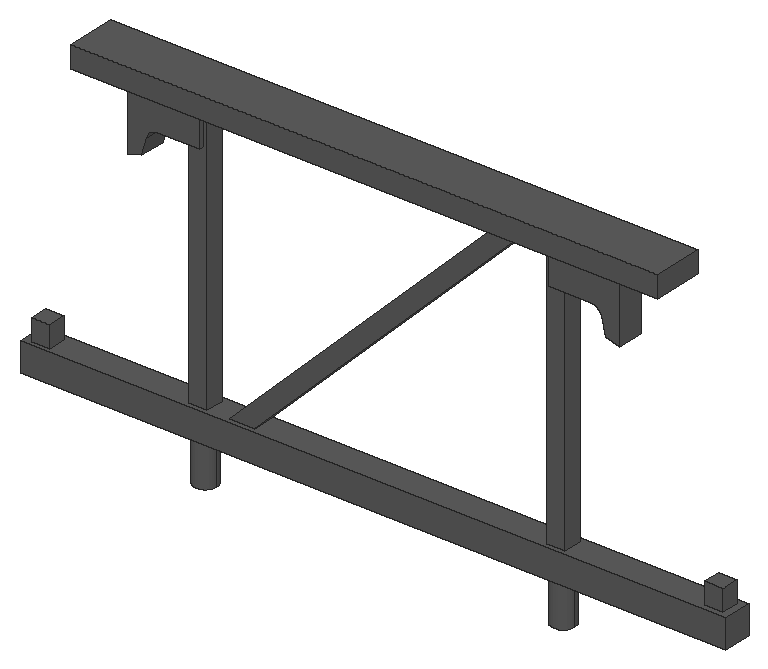
Revit family "CC4_SUPPORTING FRAME CC 0.75_1870115", category Generic Models, Revit 2018
Family settings
  Can host rebar = No
  Round Connector Dimension = Use Diameter
  Part Type = Normal
  OmniClass Number = 35.51.14.00
  OmniClass Title = FORMWORK
  Work Plane-Based = Yes
  Always vertical = No
  Cut with Voids When Loaded = No
  Shared = Yes
  Room Calculation Point = No
Parameters
  VERSION = "20190101"  # constant formula
  URL = "www.ulmaconstruction.com/en"
  UNICLASS = ""
  ITEM_CODE = "1870115"
  Manufacturer = "ULMA CONSTRUCTION"  # constant formula
  FILTER [instance] = ""
  Default Elevation = 0.000 mm
  CLASSIFICATION_TITLE = ""
  CLASSIFICATION_NUMBER = ""
Reference planes
  plane 1 "Centro (Frontal/Posterior)": y = 0
  plane 2: z = 0
  plane 3 "Centro (Izquierda/Derecha)": x = 0
  plane 4 "ITEM_LENGTH": x = 750
Forms (mm)
  Extrusion 1, solid, material "ULMA BLACK", detail levels medium+fine
    sketch origin (0, 0, 0) x (0, 1, 0) y (0, 0, 1)
      loop
        line (0, 0) -> (0, -30) -> (70, -30) -> (70, 0) -> (0, 0)
    from -35 to 785
  Extrusion 2, solid, material "ULMA BLACK", detail levels medium+fine
    sketch origin (0, 0, 0) x (0, 1, 0) y (0, 0, 1)
      loop
        line (15, -407) -> (15, -447) -> (55, -447) -> (55, -407) -> (15, -407)
    from -117.5 to 867.5
  Extrusion 3, solid, material "ULMA BLACK", detail levels medium+fine
    sketch origin (0, 0, 0) x (1, 0, 0) y (0, 0, 1)
      loop
        line (-107.5, -377) -> (-107.5, -407) -> (-82.5, -407) -> (-82.5, -377) -> (-107.5, -377)
    from -47.5 to -22.5
  Extrusion 4, solid, material "ULMA BLACK", detail levels medium+fine
    sketch origin (0, 0, 0) x (1, 0, 0) y (0, 0, 1)
      loop
        line (832.5, -377) -> (832.5, -407) -> (857.5, -407) -> (857.5, -377) -> (832.5, -377)
    from -47.5 to -22.5
  Extrusion 5, solid, material "ULMA BLACK", detail levels medium+fine
    sketch origin (0, 0, 0) x (1, 0, 0) y (0, 0, 1)
      loop
        line (112.5, -30) -> (112.5, -407) -> (137.5, -407) -> (137.5, -30) -> (112.5, -30)
    from -47.5 to -22.5
  Extrusion 6, solid, material "ULMA BLACK", detail levels medium+fine
    sketch origin (0, 0, 0) x (1, 0, 0) y (0, 0, 1)
      loop
        line (612.5, -30) -> (612.5, -407) -> (637.5, -407) -> (637.5, -30) -> (612.5, -30)
    from -47.5 to -22.5
  Extrusion 7, solid, material "ULMA BLACK", detail levels medium+fine
    sketch origin (0, 0, 0) x (1, 0, 0) y (0, 0, 1)
      loop
        line (31, -30) -> (31, -120.959) -> (51, -115.6) -> (57.361, -91.859)
        arc (57.361, -91.859) -> (63.076, -83.306) -> (72.816, -80) r 16
        line (72.816, -80) -> (131, -80) -> (131, -30) -> (31, -30)
    from -53 to -17
  Extrusion 8, solid, material "ULMA BLACK", detail levels medium+fine
    sketch origin (-750, 0, 0) x (1, 0, 0) y (0, 0, 1)
      loop
        line (1369, -30) -> (1369, -80) -> (1427.184, -80)
        arc (1427.184, -80) -> (1436.924, -83.306) -> (1442.639, -91.859) r 16
        line (1442.639, -91.859) -> (1449, -115.6) -> (1469, -120.959) -> (1469, -30) -> (1369, -30)
    from -53 to -17
  Extrusion 9, solid, material "ULMA BLACK", detail levels medium+fine
    sketch origin (0, 0, 0) x (1, 0, 0) y (0, 1, 0)
      loop
        circle (125, 35) r 16
    from -507 to -447
  Extrusion 10, solid, material "ULMA BLACK", detail levels medium+fine
    sketch origin (0, 0, 0) x (1, 0, 0) y (0, 1, 0)
      loop
        circle (625, 35) r 16
    from -507 to -447
  Extrusion 11, solid, material "ULMA BLACK", detail levels medium+fine
    sketch origin (0, 0, 0) x (1, 0, 0) y (0, 0, 1)
      loop
        line (168.822, -407) -> (204.178, -407) -> (581.178, -30) -> (545.822, -30) -> (168.822, -407)
    from -47.5 to -22.5
Lines and regions (mm)
  model lines, style "ULMA SUPPORTING", detail levels coarse
    curve 1: line (0, 35, 0) -> (750, 35, 0)
    curve 2: line (170.4, -19.852, 0) -> (272.7, 89.852, 0)
    curve 3: line (375, -19.852, 0) -> (272.7, 89.852, 0)
    curve 4: line (375, -19.852, 0) -> (477.3, 89.852, 0)
    curve 5: line (579.6, -19.852, 0) -> (477.3, 89.852, 0)
Dimensions and locks
  locked: plane 3 "Centro (Izquierda/Derecha)" to plane 4 "ITEM_LENGTH" at 750
  locked: plane 4 "ITEM_LENGTH" to plane 3 "Centro (Izquierda/Derecha)" at 750
  plane 4 "ITEM_LENGTH" to Extrusion 4 sketch curve to Extrusion 4 sketch curve = 82.500 mm locked, 25.000 mm locked
  plane 4 "ITEM_LENGTH" to Extrusion 6 sketch curve to Extrusion 6 sketch curve = 112.500 mm locked, 25.000 mm locked
  locked: Extrusion 10 sketch curve to plane 4 "ITEM_LENGTH" at 125
  aligned and locked: level to plane 2
